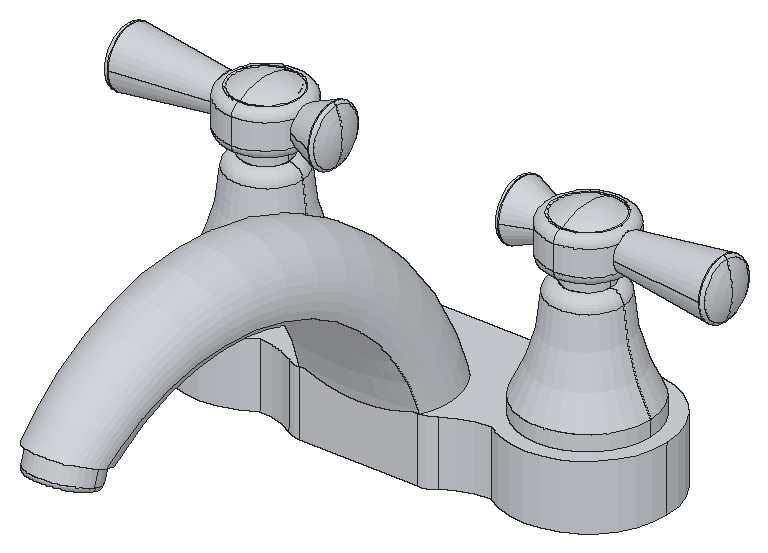
Revit family "01-1402-11 MEZCLADOR LAVAMANOS 4” TOSCANA", category Plumbing Fixtures, host Face, Revit 2018
Family settings
  Host = Face
  Round Connector Dimension = Use Diameter
  Part Type = Normal
  OmniClass Number = 23.31.11.00
  Cut with Voids When Loaded = No
  Shared = No
  Room Calculation Point = No
Parameters (values of type "01-1402-11")
  Waste Water Outlet = ""
  Waste Connection = 1 = 0  # no
  Vent Connection = 1 = 0  # no
  URL = "https://www.gricol.com/"
  Type Image = MEZCLADOR LAVAMANOS 4” TOSCANA.JPG
  Product Name = "MEZCLADOR LAVAMANOS 4” TOSCANA\r"  # constant formula
  Plastico - ABS Cromado = Plastico - ABS Cromado
  Model = " 01-1402-11\r"  # constant formula
  Manufacturer = "Gricol"  # constant formula
  Manija = 70.00 mm
  Link Ficha Tecnica = "http://infotecnica.gricol.com/FT_01140211_01140211M.pdf"
  HW Connection = 1 = 1  # yes
  Eje- Aireador = 129.10 mm
  Eje (Roscas) = 101.60 mm
  Description = "Bimando baño"  # constant formula
  Default Elevation = 0.00 mm
  Date Modified = ""
  Date Created = "05/28/2020"  # constant formula
  Copyright = "All rights reserved © Gricol - 2020."  # constant formula
  CW Connection = 1 = 1  # yes
  Assembly Code = ""
  Alto Aireador = 57.90 mm
Reference planes
  plane 1 "Center (Front/Back)": y = 0
  plane 2: z = 0
  plane 3 "Center (Left/Right)": x = 0
  plane 4: z = 86.8
  plane 5: y = -129.1
  plane 6: z = 57.9
  plane 7: x = -50.818
  plane 8: x = 50.782
  plane 9: x = -97.05
  plane 10: x = -27.05
Forms (mm)
  Extrusion 1, solid
    sketch origin (0, 0, 0) x (1, 0, 0) y (0, 1, 0)
      loop
        circle (-50.818, 0) r 6.35
      loop
        circle (50.818, 0) r 6.35
    from 0 to -3
Dimensions and locks
  "Eje- Aireador": plane 1 "Center (Front/Back)" to plane 5
  "Alto Aireador": plane 6 to level
  plane 4 to level = 86.80 mm
  "Eje (Roscas)": plane 7 to plane 8
  "Manija": plane 9 to plane 10
  aligned and locked: plane 2 to host face
  aligned and locked: level to host face
Automatic sketch dimensions
  host sketch curve to host sketch curve = 250.296 mm
  host sketch curve to host sketch curve = 235.44 mm
  plane 1 "Center (Front/Back)" to Extrusion 1 sketch curve = 0.00 mm  (x2)
  Extrusion 1 sketch curve to plane 7 = 0.00 mm
  plane 3 "Center (Left/Right)" to Extrusion 1 sketch curve = 50.818 mm
  radius of Extrusion 1 sketch curve = 6.35 mm  (x2)
Nested families
  nested 1: "MEZCLADOR LAVAMANOS 4” TOSCANA" at (0, 0, 0), type "MEZCLADOR LAVAMANOS 4” TOSCANA"
Connectors
  piping at (-50.818, 0, -3), diameter 12.7
    settings: on Extrusion 1, index 2, connector inside diameter 24", connector length 0.00 mm, flow factor 0, pipe flow 0 GPM, pressure drop 0.00 psi, fitting loss kfactor 0, connector angle 0.00°, fixture units 0, engagement length 0.00 mm, angle of deflection 0.00°, flow configuration 0, flow direction 0, fitting loss method 0, system type 19, joint type 0, gender type 0, connector reference index -1, connector utility 0, adjustable connector no, is connector primary yes, connector description ""
  piping at (50.818, 0, -3), diameter 12.7
    settings: on Extrusion 1, index 3, connector inside diameter 24", connector length 0.00 mm, flow factor 0, pipe flow 0 GPM, pressure drop 0.00 psi, fitting loss kfactor 0, connector angle 0.00°, fixture units 0, engagement length 0.00 mm, angle of deflection 0.00°, flow configuration 0, flow direction 0, fitting loss method 0, system type 20, joint type 0, gender type 0, connector reference index -1, connector utility 0, adjustable connector no, is connector primary no, connector description ""
Definition of nested family "MEZCLADOR LAVAMANOS 4” TOSCANA"
  Parameters (values of type "MEZCLADOR LAVAMANOS 4” TOSCANA")
    Plastico - ABS Cromado = none
  Reference planes
    plane 1 "Center (Front/Back)": y = 0
    plane 2: z = 0
    plane 3 "Center (Left/Right)": x = 0
    plane 4: x = 50.818
    plane 5: x = -17.832
    plane 6: x = 17.832
    plane 7: x = -50.818
    plane 8: y = -129.1
    plane 9: z = 57.9
    plane 10: z = 86.8
    plane 11: x = -97.05
    plane 12: x = -27.05
  Forms (mm)
    Revolve 1, solid, material <- "Plastico - ABS Cromado"
      sketch origin (0, -142.833, 51.647) x (0, 0.34202, 0.939693) y (-1, 0, 0)
        loop
          line (1.991, 0) -> (1.991, 10.407) -> (-3.945, 10.407)
          arc (-3.945, 10.407) -> (-4.66, 10.216) -> (-5.184, 9.692) r 1.431
          line (-5.184, 9.692) -> (-5.184, 8.863) -> (-3.268, 8.863)
          arc (-3.268, 8.863) -> (-3.014, 8.609) -> (-3.268, 8.355) r 0.254
          line (-3.268, 8.355) -> (-4.391, 8.355)
          arc (-4.391, 8.355) -> (-4.826, 7.663) -> (-4.014, 7.571) r 0.483
          line (-4.014, 7.571) -> (-4.014, 0) -> (1.991, 0)
        axis (1.991, 0) -> (-5.184, 0)
      angle from 0 to 360
    SweptBlend 2, solid, material <- "Plastico - ABS Cromado"
      path origin (0, -1.25, -0.625) x (0, 1, 0) y (0, 0, 1)
        loop
          arc (-5.621, 6.235) -> (-62.082, 72.15) -> (-145.822, 49.342) r 81.151
      profile origin (0, -6.871, 5.61) x (0, -0.989636, -0.143596) y (1, 0, 0)
        loop
          line (17.042, -19.943) -> (17.042, 20.057)
          arc (17.042, 20.057) -> (-14.459, 0.057) -> (17.042, -19.943) r 22.099
      end profile origin (0, -147.072, 48.717) x (0, 0.73801, -0.67479) y (1, 0, 0)
        loop
          spline (0, -11.86) -> (2.588, -11.456) -> (5, -10.271) -> (7.071, -8.387) -> (8.66, -5.93) -> (9.659, -3.07) -> (10, 0) -> (9.659, 3.07) -> (8.66, 5.93) -> (7.071, 8.387) -> (5, 10.271) -> (2.588, 11.456) -> (0, 11.86)
          spline (0, 11.86) -> (-2.588, 11.456) -> (-5, 10.271) -> (-7.071, 8.387) -> (-8.66, 5.93) -> (-9.659, 3.07) -> (-10, 0) -> (-9.659, -3.07) -> (-8.66, -5.93) -> (-7.071, -8.387) -> (-5, -10.271) -> (-2.588, -11.456) -> (0, -11.86)
    Extrusion 3, void
      sketch origin (0, 0.938, 0) x (0, -1, 0) y (0, 0, 1)
        loop
          line (113.076, 42.292) -> (113.076, 23.149) -> (158.076, 23.149) -> (158.076, 58.67) -> (113.076, 42.292)
      from -22.835 to 20.022
    Extrusion 4, solid, material <- "Plastico - ABS Cromado"
      sketch origin (0, -0.625, 0) x (1, 0, 0) y (0, 1, 0)
        loop
          arc (-32.954, 19.97) -> (-61.508, 24.561) -> (-77.829, 0.685) r 26.995
          arc (-77.829, 0.685) -> (-63.213, -23.308) -> (-35.189, -21.327) r 27.002
          arc (-35.189, -21.327) -> (-29, -22.196) -> (-23.288, -24.734) r 22.488
          arc (-23.288, -24.734) -> (-21.162, -25.992) -> (-18.717, -26.34) r 6.324
          line (-18.717, -26.34) -> (18.717, -26.34)
          arc (18.717, -26.34) -> (21.307, -25.939) -> (23.513, -24.523) r 6.324
          arc (23.513, -24.523) -> (29.903, -21.388) -> (36.939, -20.311) r 23.504
          arc (36.939, -20.311) -> (62.745, -21.488) -> (76, 0.685) r 25.174
          arc (76, 0.685) -> (61.491, 23.474) -> (34.704, 19.97) r 25.151
          line (34.704, 19.97) -> (-32.954, 19.97)
      from 0 to 20.49
    Revolve 5, solid, material <- "Plastico - ABS Cromado"
      sketch origin (-95.675, 0.021, -5.19) x (1, 0, 0) y (0, 0, -1)
        loop
          line (44.892, -23.955) -> (24.892, -23.955) -> (24.892, -30.387)
          arc (24.892, -30.387) -> (30.932, -44.492) -> (33.431, -59.631) r 63.827
          arc (33.431, -59.631) -> (34.682, -62.394) -> (37.497, -63.525) r 4.07
          line (37.497, -63.525) -> (44.892, -63.525) -> (44.892, -23.955)
        axis (44.892, -23.955) -> (44.892, -63.525)
      angle from 0 to 360
    Extrusion 6, solid, material <- "Plastico - ABS Cromado"
      sketch origin (-50.158, -2.1, 0) x (1, 0, 0) y (0, 1, 0)
        loop
          circle (-0.855, 2.121) r 7.393
      from 58.475 to 63.378
    Revolve 7, solid, material <- "Plastico - ABS Cromado"
      sketch origin (-51.009, -44.466, 10.625) x (0, 1, 0) y (0, 0, -1)
        loop
          line (44.466, -52.581) -> (44.466, -66.473) -> (55.043, -66.473)
          arc (55.043, -66.473) -> (57.106, -65.618) -> (57.961, -63.554) r 2.918
          line (57.961, -63.554) -> (57.961, -55.499)
          arc (57.961, -55.499) -> (57.106, -53.435) -> (55.043, -52.581) r 2.918
          line (55.043, -52.581) -> (44.466, -52.581)
        axis (44.466, -52.581) -> (44.466, -66.473)
      angle from 0 to 360
    Revolve 8, solid, material <- "Plastico - ABS Cromado"
      sketch origin (-51.009, -44.466, 7.266) x (0, 1, 0) y (0, 0, -1)
        loop
          line (44.466, -68.846) -> (44.466, -72.534)
          arc (44.466, -72.534) -> (49.653, -71.909) -> (54.453, -69.847) r 18.332
          line (54.453, -69.847) -> (53.59, -69.847) -> (53.59, -68.846) -> (44.466, -68.846)
        axis (44.466, -68.846) -> (44.466, -72.534)
      angle from 0 to 360
    SweptBlend 9, solid, material <- "Plastico - ABS Cromado"
      path origin (-57.003, 23.547, 70.475) x (-0.707107, -0.707107, 0) y (0.707107, -0.707107, 0)
        loop
          line (3.778, 29.501) -> (-2.419, 35.698)
      profile origin (-38.815, 0.015, 70.475) x (0, 1, 0) y (0, 0, 1)
        loop
          circle (0, 0) r 5.756
      end profile origin (-30.051, 0.015, 70.475) x (0, 1, 0) y (0, 0, 1)
        loop
          circle (0, 0) r 9.335
    Revolve 10, solid, material <- "Plastico - ABS Cromado"
      sketch origin (-261.134, 0.021, 1210.194) x (-1, 0, 0) y (0, 0, -1)
        loop
          arc (-234.319, 1139.72) -> (-233.828, 1135.292) -> (-232.369, 1131.083) r 20
          arc (-232.369, 1131.083) -> (-231.839, 1130.525) -> (-231.083, 1130.385) r 1.246
          line (-231.083, 1130.385) -> (-231.083, 1139.72) -> (-234.319, 1139.72)
        axis (-231.083, 1139.72) -> (-234.319, 1139.72)
      angle from 0 to 360
    SweptBlend 11, solid, material <- "Plastico - ABS Cromado"
      path origin (-44.563, 23.547, 70.475) x (0.707107, -0.707107, 0) y (0.707107, 0.707107, 0)
        loop
          line (3.045, -30.226) -> (-18.02, -51.291)
      profile origin (-63.782, 0.021, 70.475) x (0, -1, 0) y (0, 0, 1)
        loop
          circle (0, 0) r 5.756
      end profile origin (-93.573, 0.021, 70.475) x (0, -1, 0) y (0, 0, 1)
        loop
          circle (0, 0) r 9.335
    Revolve 12, solid, material <- "Plastico - ABS Cromado"
      sketch origin (137.51, 0.021, 1210.194) x (1, 0, 0) y (0, 0, 1)
        loop
          line (-234.319, -1139.72) -> (-231.083, -1139.72) -> (-231.083, -1130.385)
          arc (-231.083, -1130.385) -> (-231.839, -1130.525) -> (-232.369, -1131.083) r 1.246
          arc (-232.369, -1131.083) -> (-233.828, -1135.292) -> (-234.319, -1139.72) r 20
        axis (-231.083, -1139.72) -> (-234.319, -1139.72)
      angle from 0 to 360
    Revolve 13, solid, material <- "Plastico - ABS Cromado", not visible
      sketch origin (-179.714, -2.914, -5.19) x (1, 0, 0) y (0, 0, -1)
        loop
          line (44.892, -23.955) -> (24.892, -23.955) -> (24.892, -30.387)
          arc (24.892, -30.387) -> (30.932, -44.492) -> (33.431, -59.631) r 63.827
          arc (33.431, -59.631) -> (34.682, -62.394) -> (37.497, -63.525) r 4.07
          line (37.497, -63.525) -> (44.892, -63.525) -> (44.892, -23.955)
        axis (44.892, -23.955) -> (44.892, -63.525)
      angle from 0 to 360
    Extrusion 14, solid, material <- "Plastico - ABS Cromado", not visible
      sketch origin (-134.198, -5.034, 0) x (1, 0, 0) y (0, 1, 0)
        loop
          circle (-0.855, 2.121) r 7.393
      from 58.475 to 63.378
    Revolve 15, solid, material <- "Plastico - ABS Cromado", not visible
      sketch origin (-135.048, -47.401, 10.625) x (0, 1, 0) y (0, 0, -1)
        loop
          line (44.466, -52.581) -> (44.466, -66.473) -> (55.043, -66.473)
          arc (55.043, -66.473) -> (57.106, -65.618) -> (57.961, -63.554) r 2.918
          line (57.961, -63.554) -> (57.961, -55.499)
          arc (57.961, -55.499) -> (57.106, -53.435) -> (55.043, -52.581) r 2.918
          line (55.043, -52.581) -> (44.466, -52.581)
        axis (44.466, -52.581) -> (44.466, -66.473)
      angle from 0 to 360
    Revolve 16, solid, material <- "Plastico - ABS Cromado", not visible
      sketch origin (-135.048, -47.401, 7.266) x (0, 1, 0) y (0, 0, -1)
        loop
          line (44.466, -68.846) -> (44.466, -72.534)
          arc (44.466, -72.534) -> (49.653, -71.909) -> (54.453, -69.847) r 18.332
          line (54.453, -69.847) -> (53.59, -69.847) -> (53.59, -68.846) -> (44.466, -68.846)
        axis (44.466, -68.846) -> (44.466, -72.534)
      angle from 0 to 360
    SweptBlend 17, solid, material <- "Plastico - ABS Cromado", not visible
      path origin (-141.043, 20.612, 70.475) x (-0.707107, -0.707107, 0) y (0.707107, -0.707107, 0)
        loop
          line (3.778, 29.501) -> (-2.419, 35.698)
      profile origin (-122.855, -2.92, 70.475) x (0, 1, 0) y (0, 0, 1)
        loop
          circle (0, 0) r 5.756
      end profile origin (-114.091, -2.92, 70.475) x (0, 1, 0) y (0, 0, 1)
        loop
          circle (0, 0) r 9.335
    Revolve 18, solid, material <- "Plastico - ABS Cromado", not visible
      sketch origin (-345.173, -2.914, 1210.194) x (-1, 0, 0) y (0, 0, -1)
        loop
          arc (-234.319, 1139.72) -> (-233.828, 1135.292) -> (-232.369, 1131.083) r 20
          arc (-232.369, 1131.083) -> (-231.839, 1130.525) -> (-231.083, 1130.385) r 1.246
          line (-231.083, 1130.385) -> (-231.083, 1139.72) -> (-234.319, 1139.72)
        axis (-231.083, 1139.72) -> (-234.319, 1139.72)
      angle from 0 to 360
    SweptBlend 19, solid, material <- "Plastico - ABS Cromado", not visible
      path origin (-128.602, 20.612, 70.475) x (0.707107, -0.707107, 0) y (0.707107, 0.707107, 0)
        loop
          line (3.045, -30.226) -> (-18.02, -51.291)
      profile origin (-147.822, -2.914, 70.475) x (0, -1, 0) y (0, 0, 1)
        loop
          circle (0, 0) r 5.756
      end profile origin (-177.613, -2.914, 70.475) x (0, -1, 0) y (0, 0, 1)
        loop
          circle (0, 0) r 9.335
    Revolve 20, solid, material <- "Plastico - ABS Cromado", not visible
      sketch origin (53.47, -2.914, 1210.194) x (1, 0, 0) y (0, 0, 1)
        loop
          line (-234.319, -1139.72) -> (-231.083, -1139.72) -> (-231.083, -1130.385)
          arc (-231.083, -1130.385) -> (-231.839, -1130.525) -> (-232.369, -1131.083) r 1.246
          arc (-232.369, -1131.083) -> (-233.828, -1135.292) -> (-234.319, -1139.72) r 20
        axis (-231.083, -1139.72) -> (-234.319, -1139.72)
      angle from 0 to 360
    Revolve 21, solid, material <- "Plastico - ABS Cromado"
      sketch origin (95.675, -0.021, -5.19) x (-1, 0, 0) y (0, 0, -1)
        loop
          line (44.892, -23.955) -> (24.892, -23.955) -> (24.892, -30.387)
          arc (24.892, -30.387) -> (30.932, -44.492) -> (33.431, -59.631) r 63.827
          arc (33.431, -59.631) -> (34.682, -62.394) -> (37.497, -63.525) r 4.07
          line (37.497, -63.525) -> (44.892, -63.525) -> (44.892, -23.955)
        axis (44.892, -23.955) -> (44.892, -63.525)
      angle from 0 to 360
    Extrusion 22, solid, material <- "Plastico - ABS Cromado"
      sketch origin (50.158, 2.1, 0) x (-1, 0, 0) y (0, -1, 0)
        loop
          circle (-0.855, 2.121) r 7.393
      from 58.475 to 63.378
    Revolve 23, solid, material <- "Plastico - ABS Cromado"
      sketch origin (51.009, 44.466, 10.625) x (0, -1, 0) y (0, 0, -1)
        loop
          line (44.466, -52.581) -> (44.466, -66.473) -> (55.043, -66.473)
          arc (55.043, -66.473) -> (57.106, -65.618) -> (57.961, -63.554) r 2.918
          line (57.961, -63.554) -> (57.961, -55.499)
          arc (57.961, -55.499) -> (57.106, -53.435) -> (55.043, -52.581) r 2.918
          line (55.043, -52.581) -> (44.466, -52.581)
        axis (44.466, -52.581) -> (44.466, -66.473)
      angle from 0 to 360
    Revolve 24, solid, material <- "Plastico - ABS Cromado"
      sketch origin (51.009, 44.466, 7.266) x (0, -1, 0) y (0, 0, -1)
        loop
          line (44.466, -68.846) -> (44.466, -72.534)
          arc (44.466, -72.534) -> (49.653, -71.909) -> (54.453, -69.847) r 18.332
          line (54.453, -69.847) -> (53.59, -69.847) -> (53.59, -68.846) -> (44.466, -68.846)
        axis (44.466, -68.846) -> (44.466, -72.534)
      angle from 0 to 360
    SweptBlend 25, solid, material <- "Plastico - ABS Cromado"
      path origin (57.003, -23.547, 70.475) x (0.707107, 0.707107, 0) y (-0.707107, 0.707107, 0)
        loop
          line (3.778, 29.501) -> (-2.419, 35.698)
      profile origin (38.815, -0.015, 70.475) x (0, -1, 0) y (0, 0, 1)
        loop
          circle (0, 0) r 5.756
      end profile origin (30.051, -0.015, 70.475) x (0, -1, 0) y (0, 0, 1)
        loop
          circle (0, 0) r 9.335
    Revolve 26, solid, material <- "Plastico - ABS Cromado"
      sketch origin (261.134, -0.021, 1210.194) x (1, 0, 0) y (0, 0, -1)
        loop
          arc (-234.319, 1139.72) -> (-233.828, 1135.292) -> (-232.369, 1131.083) r 20
          arc (-232.369, 1131.083) -> (-231.839, 1130.525) -> (-231.083, 1130.385) r 1.246
          line (-231.083, 1130.385) -> (-231.083, 1139.72) -> (-234.319, 1139.72)
        axis (-231.083, 1139.72) -> (-234.319, 1139.72)
      angle from 0 to 360
    SweptBlend 27, solid, material <- "Plastico - ABS Cromado"
      path origin (44.563, -23.547, 70.475) x (-0.707107, 0.707107, 0) y (-0.707107, -0.707107, 0)
        loop
          line (3.045, -30.226) -> (-18.02, -51.291)
      profile origin (63.782, -0.021, 70.475) x (0, 1, 0) y (0, 0, 1)
        loop
          circle (0, 0) r 5.756
      end profile origin (93.573, -0.021, 70.475) x (0, 1, 0) y (0, 0, 1)
        loop
          circle (0, 0) r 9.335
    Revolve 28, solid, material <- "Plastico - ABS Cromado"
      sketch origin (-137.51, -0.021, 1210.194) x (-1, 0, 0) y (0, 0, 1)
        loop
          line (-234.319, -1139.72) -> (-231.083, -1139.72) -> (-231.083, -1130.385)
          arc (-231.083, -1130.385) -> (-231.839, -1130.525) -> (-232.369, -1131.083) r 1.246
          arc (-232.369, -1131.083) -> (-233.828, -1135.292) -> (-234.319, -1139.72) r 20
        axis (-231.083, -1139.72) -> (-234.319, -1139.72)
      angle from 0 to 360
  Cuts and joins
    Extrusion 3 cuts SweptBlend 2
  Lines and regions (mm)
    model lines
      curve 1: line (-55.783, 0.021, 77.475) -> (-55.783, 0.021, 58.475)
      curve 2: line (-85.692, 2.544, 62.771) -> (-85.692, -2.911, 62.771)
      curve 5: line (55.783, -0.021, 77.475) -> (55.783, -0.021, 58.475)
      curve 6: line (85.692, -2.544, 62.771) -> (85.692, 2.911, 62.771)
    model lines, not visible
      curve 3: line (-139.823, -2.914, 77.475) -> (-139.823, -2.914, 58.475)
      curve 4: line (-169.731, -0.391, 62.771) -> (-169.731, -5.846, 62.771)
  Dimensions and locks
    plane 6 to plane 5 = 35.663 mm
    equal spacing: plane 6, plane 3 "Center (Left/Right)", plane 5
    equal spacing: plane 7, plane 3 "Center (Left/Right)", plane 4
    plane 7 to plane 4 = 101.637 mm
    plane 1 "Center (Front/Back)" to plane 8 = 129.10 mm
    plane 9 to level = 57.90 mm
    plane 10 to level = 86.80 mm
    plane 12 to plane 11 = 70.00 mm
    level to plane 9 = 57.90 mm
    aligned and locked: plane 2 to level
  Automatic sketch dimensions
    Revolve 1 sketch curve to plane 3 "Center (Left/Right)" = 0.00 mm  (x2)
    Revolve 1 sketch curve to plane 3 "Center (Left/Right)" = 8.863 mm
    Revolve 1 sketch curve to Revolve 1 sketch curve = 0.793 mm
    Revolve 1 sketch curve to Revolve 1 sketch curve = 0.377 mm
    Revolve 1 sketch curve to Revolve 1 sketch curve = 0.446 mm
    Revolve 1 sketch curve to Revolve 1 sketch curve = 0.677 mm
    Revolve 1 sketch curve to Revolve 1 sketch curve = 5.259 mm
    Revolve 1 sketch curve to Revolve 1 sketch curve = 1.291 mm
    Revolve 1 sketch curve to Revolve 1 sketch curve = 0.301 mm
    Revolve 1 sketch curve to Revolve 1 sketch curve = 0.114 mm
    Revolve 1 sketch curve to Revolve 1 sketch curve = 0.829 mm
    Revolve 1 sketch curve to Revolve 1 sketch curve = 6.133 mm
    Revolve 1 sketch curve to Revolve 1 sketch curve = 1.991 mm
    SweptBlend 2 sketch curve to level = 6.043 mm
    SweptBlend 2 sketch curve to plane 8 = 41.918 mm
    plane 8 to SweptBlend 2 sketch curve = 17.972 mm
    plane 1 "Center (Front/Back)" to SweptBlend 2 sketch curve = 6.871 mm
    level to SweptBlend 2 sketch curve = 5.61 mm
    plane 3 "Center (Left/Right)" to SweptBlend 2 sketch curve = 0.057 mm
    SweptBlend 2 sketch curve to profile plane = 7.641 mm
    SweptBlend 2 sketch curve to profile plane = 17.042 mm
    SweptBlend 2 sketch curve to plane 3 "Center (Left/Right)" = 19.943 mm
    SweptBlend 2 sketch curve to profile plane = 0.00 mm
    SweptBlend 2 sketch curve to plane 3 "Center (Left/Right)" = 0.00 mm
    SweptBlend 2 sketch curve to SweptBlend 2 sketch curve = 11.86 mm
    Extrusion 3 sketch curve to plane 8 = 16.961 mm
    plane 8 to Extrusion 3 sketch curve = 28.039 mm
    plane 9 to Extrusion 3 sketch curve = 34.751 mm
    plane 9 to Extrusion 3 sketch curve = 15.608 mm
    Extrusion 3 sketch curve to plane 9 = 0.77 mm
    plane 7 to Extrusion 4 sketch curve = 0.031 mm
    plane 7 to Extrusion 4 sketch curve = 0.008 mm
    Extrusion 4 sketch curve to plane 12 = 8.139 mm
    Extrusion 4 sketch curve to plane 12 = 5.904 mm
    Extrusion 4 sketch curve to plane 5 = 1.235 mm
    Extrusion 4 sketch curve to plane 5 = 0.885 mm
    plane 6 to Extrusion 4 sketch curve = 0.885 mm
    plane 6 to Extrusion 4 sketch curve = 1.235 mm
    plane 4 to Extrusion 4 sketch curve = 16.115 mm
    plane 4 to Extrusion 4 sketch curve = 13.879 mm
    Extrusion 4 sketch curve to plane 4 = 0.008 mm
    Extrusion 4 sketch curve to Extrusion 4 sketch curve = 0.022 mm
    plane 1 "Center (Front/Back)" to Extrusion 4 sketch curve = 44.44 mm  (x2)
    Extrusion 4 sketch curve to Extrusion 4 sketch curve = 17.475 mm
    Extrusion 4 sketch curve to Extrusion 4 sketch curve = 6.315 mm  (x2)
    Extrusion 4 sketch curve to plane 1 "Center (Front/Back)" = 0.06 mm  (x2)
    Extrusion 4 sketch curve to plane 1 "Center (Front/Back)" = 19.345 mm
    Extrusion 4 sketch curve to Extrusion 4 sketch curve = 0.00 mm
    Extrusion 4 sketch curve to Extrusion 4 sketch curve = 4.796 mm
    Revolve 5 sketch curve to Revolve 5 sketch curve = 12.605 mm
    Revolve 5 sketch curve to Revolve 5 sketch curve = 20.00 mm
    Revolve 5 sketch curve to Revolve 5 sketch curve = 4.07 mm
    Revolve 5 sketch curve to Revolve 5 sketch curve = 6.432 mm
    Revolve 5 sketch curve to Revolve 5 sketch curve = 0.00 mm
    Revolve 7 sketch curve to Revolve 7 sketch curve = 2.918 mm
    Revolve 7 sketch curve to Revolve 7 sketch curve = 4.521 mm
    Revolve 7 sketch curve to Revolve 7 sketch curve = 4.603 mm
    Revolve 8 sketch curve to Revolve 8 sketch curve = 0.863 mm
    Revolve 8 sketch curve to Revolve 8 sketch curve = 2.687 mm
    Revolve 8 sketch curve to Revolve 8 sketch curve = 1.00 mm  (x2)
    Revolve 8 sketch curve to Revolve 8 sketch curve = 0.00 mm
    Revolve 8 sketch curve to Revolve 8 sketch curve = 1.072 mm
    SweptBlend 9 sketch curve to SweptBlend 9 sketch curve = 6.197 mm  (x2)
    SweptBlend 9 sketch curve to profile plane = 0.00 mm  (x4)
    Revolve 10 sketch curve to Revolve 10 sketch curve = 3.075 mm
    Revolve 10 sketch curve to Revolve 10 sketch curve = 3.236 mm
    Revolve 10 sketch curve to Revolve 10 sketch curve = 16.764 mm
    Revolve 10 sketch curve to Revolve 10 sketch curve = 1.236 mm
    Revolve 10 sketch curve to Revolve 10 sketch curve = 2.445 mm
    Revolve 10 sketch curve to Revolve 10 sketch curve = 0.00 mm  (x2)
    SweptBlend 11 sketch curve to SweptBlend 11 sketch curve = 21.065 mm  (x2)
    SweptBlend 11 sketch curve to profile plane = 0.00 mm  (x4)
    Revolve 12 sketch curve to Revolve 12 sketch curve = 3.075 mm
    Revolve 12 sketch curve to Revolve 12 sketch curve = 3.236 mm
    Revolve 12 sketch curve to Revolve 12 sketch curve = 16.764 mm
    Revolve 12 sketch curve to Revolve 12 sketch curve = 1.236 mm
    Revolve 12 sketch curve to Revolve 12 sketch curve = 2.445 mm
    Revolve 12 sketch curve to Revolve 12 sketch curve = 0.00 mm  (x2)
    Revolve 5 sketch curve to Revolve 5 sketch curve = 55.228 mm
    Revolve 5 sketch curve to Revolve 5 sketch curve = 1.143 mm
    Revolve 5 sketch curve to Revolve 5 sketch curve = 29.244 mm
    Revolve 5 sketch curve to Revolve 5 sketch curve = 21.475 mm
    Revolve 5 sketch curve to Revolve 5 sketch curve = 23.955 mm
    Revolve 7 sketch curve to Revolve 7 sketch curve = 10.577 mm
    Revolve 7 sketch curve to Revolve 7 sketch curve = 0.00 mm  (x2)
    Revolve 7 sketch curve to Revolve 7 sketch curve = 8.056 mm
    Revolve 8 sketch curve to Revolve 8 sketch curve = 0.423 mm
    Revolve 8 sketch curve to Revolve 8 sketch curve = 9.124 mm
    Revolve 10 sketch curve to Revolve 10 sketch curve = 8.078 mm
    Revolve 10 sketch curve to Revolve 10 sketch curve = 8.099 mm
    Revolve 12 sketch curve to Revolve 12 sketch curve = 0.021 mm
    Revolve 12 sketch curve to Revolve 12 sketch curve = 8.099 mm
    Revolve 13 sketch curve to Revolve 13 sketch curve = 12.605 mm
    Revolve 13 sketch curve to Revolve 13 sketch curve = 20.00 mm
    Revolve 13 sketch curve to Revolve 13 sketch curve = 4.07 mm
    Revolve 13 sketch curve to Revolve 13 sketch curve = 6.432 mm
    Revolve 13 sketch curve to Revolve 13 sketch curve = 0.00 mm
    Revolve 15 sketch curve to Revolve 15 sketch curve = 2.918 mm
    Revolve 15 sketch curve to Revolve 15 sketch curve = 4.521 mm
    Revolve 15 sketch curve to Revolve 15 sketch curve = 4.603 mm
    Revolve 16 sketch curve to Revolve 16 sketch curve = 0.863 mm
    Revolve 16 sketch curve to Revolve 16 sketch curve = 2.687 mm
    Revolve 16 sketch curve to Revolve 16 sketch curve = 1.00 mm  (x2)
    Revolve 16 sketch curve to Revolve 16 sketch curve = 0.00 mm
    Revolve 16 sketch curve to Revolve 16 sketch curve = 1.072 mm
    SweptBlend 17 sketch curve to SweptBlend 17 sketch curve = 6.197 mm  (x2)
    SweptBlend 17 sketch curve to profile plane = 0.00 mm  (x4)
    Revolve 18 sketch curve to Revolve 18 sketch curve = 3.075 mm
    Revolve 18 sketch curve to Revolve 18 sketch curve = 3.236 mm
    Revolve 18 sketch curve to Revolve 18 sketch curve = 16.764 mm
    Revolve 18 sketch curve to Revolve 18 sketch curve = 1.236 mm
    Revolve 18 sketch curve to Revolve 18 sketch curve = 2.445 mm
    Revolve 18 sketch curve to Revolve 18 sketch curve = 0.00 mm  (x2)
    SweptBlend 19 sketch curve to SweptBlend 19 sketch curve = 21.065 mm  (x2)
    SweptBlend 19 sketch curve to profile plane = 0.00 mm  (x4)
    Revolve 20 sketch curve to Revolve 20 sketch curve = 3.075 mm
    Revolve 20 sketch curve to Revolve 20 sketch curve = 3.236 mm
    Revolve 20 sketch curve to Revolve 20 sketch curve = 16.764 mm
    Revolve 20 sketch curve to Revolve 20 sketch curve = 1.236 mm
    Revolve 20 sketch curve to Revolve 20 sketch curve = 2.445 mm
    Revolve 20 sketch curve to Revolve 20 sketch curve = 0.00 mm  (x2)
    Revolve 13 sketch curve to Revolve 13 sketch curve = 55.228 mm
    Revolve 13 sketch curve to Revolve 13 sketch curve = 1.143 mm
    Revolve 13 sketch curve to Revolve 13 sketch curve = 29.244 mm
    Revolve 13 sketch curve to Revolve 13 sketch curve = 21.475 mm
    Revolve 13 sketch curve to Revolve 13 sketch curve = 23.955 mm
    Revolve 15 sketch curve to Revolve 15 sketch curve = 10.577 mm
    Revolve 15 sketch curve to Revolve 15 sketch curve = 0.00 mm  (x2)
    Revolve 15 sketch curve to Revolve 15 sketch curve = 8.056 mm
    Revolve 16 sketch curve to Revolve 16 sketch curve = 0.423 mm
    Revolve 16 sketch curve to Revolve 16 sketch curve = 9.124 mm
    Revolve 18 sketch curve to Revolve 18 sketch curve = 8.078 mm
    Revolve 18 sketch curve to Revolve 18 sketch curve = 8.099 mm
    Revolve 20 sketch curve to Revolve 20 sketch curve = 0.021 mm
    Revolve 20 sketch curve to Revolve 20 sketch curve = 8.099 mm
    Revolve 21 sketch curve to Revolve 21 sketch curve = 12.605 mm
    Revolve 21 sketch curve to Revolve 21 sketch curve = 20.00 mm
    Revolve 21 sketch curve to Revolve 21 sketch curve = 4.07 mm
    Revolve 21 sketch curve to Revolve 21 sketch curve = 6.432 mm
    Revolve 21 sketch curve to Revolve 21 sketch curve = 0.00 mm
    Revolve 23 sketch curve to Revolve 23 sketch curve = 2.918 mm
    Revolve 23 sketch curve to Revolve 23 sketch curve = 4.521 mm
    Revolve 23 sketch curve to Revolve 23 sketch curve = 4.603 mm
    Revolve 24 sketch curve to Revolve 24 sketch curve = 0.863 mm
    Revolve 24 sketch curve to Revolve 24 sketch curve = 2.687 mm
    Revolve 24 sketch curve to Revolve 24 sketch curve = 1.00 mm  (x2)
    Revolve 24 sketch curve to Revolve 24 sketch curve = 0.00 mm
    Revolve 24 sketch curve to Revolve 24 sketch curve = 1.072 mm
    SweptBlend 25 sketch curve to SweptBlend 25 sketch curve = 6.197 mm  (x2)
    SweptBlend 25 sketch curve to profile plane = 0.00 mm  (x4)
    Revolve 26 sketch curve to Revolve 26 sketch curve = 3.075 mm
    Revolve 26 sketch curve to Revolve 26 sketch curve = 3.236 mm
    Revolve 26 sketch curve to Revolve 26 sketch curve = 16.764 mm
    Revolve 26 sketch curve to Revolve 26 sketch curve = 1.236 mm
    Revolve 26 sketch curve to Revolve 26 sketch curve = 2.445 mm
    Revolve 26 sketch curve to Revolve 26 sketch curve = 0.00 mm  (x2)
    SweptBlend 27 sketch curve to SweptBlend 27 sketch curve = 21.065 mm  (x2)
    SweptBlend 27 sketch curve to profile plane = 0.00 mm  (x4)
    Revolve 28 sketch curve to Revolve 28 sketch curve = 3.075 mm
    Revolve 28 sketch curve to Revolve 28 sketch curve = 3.236 mm
    Revolve 28 sketch curve to Revolve 28 sketch curve = 16.764 mm
    Revolve 28 sketch curve to Revolve 28 sketch curve = 1.236 mm
    Revolve 28 sketch curve to Revolve 28 sketch curve = 2.445 mm
    Revolve 28 sketch curve to Revolve 28 sketch curve = 0.00 mm  (x2)
    Revolve 21 sketch curve to Revolve 21 sketch curve = 55.228 mm
    Revolve 21 sketch curve to Revolve 21 sketch curve = 1.143 mm
    Revolve 21 sketch curve to Revolve 21 sketch curve = 29.244 mm
    Revolve 21 sketch curve to Revolve 21 sketch curve = 21.475 mm
    Revolve 21 sketch curve to Revolve 21 sketch curve = 23.955 mm
    Revolve 23 sketch curve to Revolve 23 sketch curve = 10.577 mm
    Revolve 23 sketch curve to Revolve 23 sketch curve = 0.00 mm  (x2)
    Revolve 23 sketch curve to Revolve 23 sketch curve = 8.056 mm
    Revolve 24 sketch curve to Revolve 24 sketch curve = 0.423 mm
    Revolve 24 sketch curve to Revolve 24 sketch curve = 9.124 mm
    Revolve 26 sketch curve to Revolve 26 sketch curve = 8.078 mm
    Revolve 26 sketch curve to Revolve 26 sketch curve = 8.099 mm
    Revolve 28 sketch curve to Revolve 28 sketch curve = 0.021 mm
    Revolve 28 sketch curve to Revolve 28 sketch curve = 8.099 mm
    radius of Extrusion 6 sketch curve = 7.393 mm
    radius of SweptBlend 9 sketch curve = 5.756 mm
    radius of SweptBlend 9 sketch curve = 9.335 mm
    radius of SweptBlend 11 sketch curve = 5.756 mm
    radius of SweptBlend 11 sketch curve = 9.335 mm
    radius of Extrusion 14 sketch curve = 7.393 mm
    radius of SweptBlend 17 sketch curve = 5.756 mm
    radius of SweptBlend 17 sketch curve = 9.335 mm
    radius of SweptBlend 19 sketch curve = 5.756 mm
    radius of SweptBlend 19 sketch curve = 9.335 mm
    radius of Extrusion 22 sketch curve = 7.393 mm
    radius of SweptBlend 25 sketch curve = 5.756 mm
    radius of SweptBlend 25 sketch curve = 9.335 mm
    radius of SweptBlend 27 sketch curve = 5.756 mm
    radius of SweptBlend 27 sketch curve = 9.335 mm
